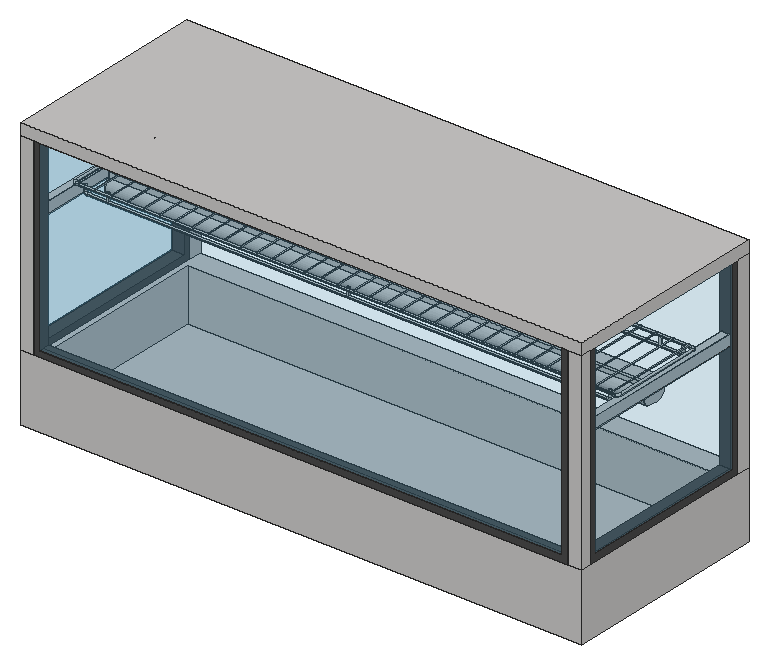
Revit family "QF_FESTIVE_DB17", category Specialty Equipment, Revit 2020
Family settings
  Round Connector Dimension = Use Diameter
  Part Type = Normal
  Work Plane-Based = No
  Always vertical = Yes
  Cut with Voids When Loaded = No
  Shared = No
  Room Calculation Point = No
Parameters (values of type "DB17")
  Weight in Pounds = 0
  Watts = if(Phase = 3, Volts * FL Amps * 1.73, Volts * FL Amps)  # 4796 W
  Volts = 220 V
  URL Cutsheet = ""
  Specification by User = ""
  Specification by Manufacturer = ""
  Serial Number = ""
  Seismic Rating = ""
  SMACNA No = ""
  Revision Code = ""
  Phase = 1
  Number of Poles = 1
  No. of Rail [instance] = Length / 50.8 mm  # 34
  NAFEM Spec ID Number = ""
  Model = "DB17"
  Min Ckt Ampacity = 0 A
  Max Overcurrent Protection = 0 A
  Masterspec = ""
  Manufacturer = "FESTIVE"
  Length = 1720 mm
  Item Number = ""
  Installed By = ""
  Identify Quantity as Lot = yes
  Height = 830 mm
  HP = ""
  Furnished By = ""
  Foodservice Equipment Identifier = yes
  FL Amps = 21.8 A
  Electrical Remarks = ""
  Electric Connection Type = ""
  Elec Conn RI Height = 0 mm
  Elec Conn Connection Height = 0 mm
  Description = "DEVON: BAIN MARIE"
  Depth = 640 mm
  Default Elevation = 0 mm
  Cycle = 50 Hz
  Conn Plug = ""
  Conn Conduit = yes
  CSI MasterFormat = ""
  Apparent Power = if(Phase = 3, Volts * FL Amps * 1.73, Volts * FL Amps)  # 4796 VA
Reference planes
  plane 1 "BACK": y = 0
  plane 2: z = 0
  plane 3 "LEFT": x = 0
  plane 4 "RIGHT": x = 1720
  plane 5 "FRONT": y = -640
  plane 6 "TOP": z = 830
  plane 7 "Center Y": x = 860
  plane 8 "Center X": y = -320
  plane 9: z = 205
  plane 10: x = 1459.9
  plane 11: x = 40.989
  plane 12: x = 1679.011
Forms (mm)
  Extrusion 1, solid, material "QF_Metal - Stainless - Satin"
    sketch origin (0, 0, 0) x (0, 1, 0) y (0, 0, 1)
      loop
        line (0, 793) -> (0, 830) -> (-640, 830) -> (-640, 793) -> (0, 793)
    from 0 to 1720
  Extrusion 2, solid, material "QF_Metal - Stainless - Satin"
    sketch origin (0, 0, 0) x (0, 1, 0) y (0, 0, 1)
      loop
        line (0, 793) -> (-40.1, 793) -> (-40.1, 205) -> (0, 205) -> (0, 793)
    from 0 to 40.1
  Extrusion 3, solid, material "QF_Metal - Stainless - Satin"
    sketch origin (0, 0, 0) x (0, 1, 0) y (0, 0, 1)
      loop
        line (-608, 793) -> (-640, 793) -> (-640, 205) -> (-608, 205) -> (-608, 793)
    from 0 to 40.1
  Extrusion 4, solid, material "QF_Metal - Stainless - Satin"
    sketch origin (1720, 0, 0) x (0, -1, 0) y (0, 0, 1)
      loop
        line (0, 793) -> (0, 205) -> (40.1, 205) -> (40.1, 793) -> (0, 793)
    from 0 to 40.1
  Extrusion 5, solid, material "QF_Plastic - Black - Smooth"
    sketch origin (0, -640, 205) x (0, 0, -1) y (1, 0, 0)
      loop
        line (-588, 40.1) -> (0, 40.1) -> (0, 1679.9) -> (-588, 1679.9) -> (-588, 1659.9) -> (-20, 1659.9) -> (-20, 60.1) -> (-588, 60.1) -> (-588, 40.1)
    from 0 to -32
  Extrusion 6, solid, material "Glass"
    sketch origin (0, -640, 205) x (0, 0, -1) y (1, 0, 0)
      loop
        line (-588, 60.1) -> (-20, 60.1) -> (-20, 1659.9) -> (-588, 1659.9) -> (-588, 60.1)
    from 0 to -10
  Extrusion 7, solid, material "QF_Plastic - Black - Smooth"
    sketch origin (0, 0, 0) x (0, -1, 0) y (0, 0, 1)
      loop
        line (40.1, 793) -> (40.1, 205) -> (608, 205) -> (608, 793) -> (588, 793) -> (588, 225) -> (60.1, 225) -> (60.1, 793) -> (40.1, 793)
    from 0 to -40.1
  Extrusion 8, solid, material "Glass"
    sketch origin (0, 0, 0) x (0, 1, 0) y (0, 0, -1)
      loop
        line (-588, -793) -> (-60.1, -793) -> (-60.1, -225) -> (-588, -225) -> (-588, -793)
    from 0 to -5.1
  Sweep 9, solid, material "QF_Metal - Stainless - Satin"
    path origin (0, 0, 598.437) x (1, 0, 0) y (0, 1, 0)
      loop
        arc (33.118, -173.147) -> (27.808, -175.347) -> (25.609, -180.657) r 7.509
        line (25.609, -180.657) -> (25.609, -458.823)
        arc (25.609, -458.823) -> (27.805, -464.127) -> (33.109, -466.323) r 7.5
        line (33.109, -466.323) -> (1686.437, -466.323)
        arc (1686.437, -466.323) -> (1691.741, -464.127) -> (1693.937, -458.823) r 7.5
        line (1693.937, -458.823) -> (1693.937, -180.647)
        arc (1693.937, -180.647) -> (1691.741, -175.344) -> (1686.437, -173.147) r 7.5
        line (1686.437, -173.147) -> (33.118, -173.147)
    profile origin (859.778, -173.147, 598.437) x (0, 1, 0) y (0, 0, 1)
      loop
        circle (0.813, 0) r 3.5
  Sweep 10, solid, material "QF_Metal - Stainless - Satin"
    path origin (0, -459.587, 0) x (1, 0, 0) y (0, 0, 1)
      loop
        line (56, 600.75) -> (56, 583.379)
        arc (56, 583.379) -> (58.255, 577.934) -> (63.7, 575.679) r 7.7
        line (63.7, 575.679) -> (1656.29, 575.679)
        arc (1656.29, 575.679) -> (1661.742, 577.937) -> (1664, 583.389) r 7.71
        line (1664, 583.389) -> (1664, 600.75)
    profile origin (56, -459.587, 592.064) x (0, -1, 0) y (1, 0, 0)
      loop
        circle (0, 0) r 3.5
  Extrusion 11, solid, material "QF_Metal - Stainless - Satin"
    sketch origin (-90, 0, 0) x (1, 0, 0) y (0, 1, 0)
      loop
        circle (214.245, -459.502) r 3.409
    from 576.5 to 600.75
  Extrusion 12, solid, material "QF_Metal - Stainless - Satin"
    sketch origin (483.255, 0, 0) x (1, 0, 0) y (0, 1, 0)
      loop
        circle (376.745, -459.502) r 3.409
    from 576.5 to 600.75
  Extrusion 13, solid, material "QF_Metal - Stainless - Satin"
    sketch origin (0, 0, 0) x (1, 0, 0) y (0, 0, 1)
      loop
        circle (42.498, 603.487) r 1.509
    from 173.5 to 466.5
  Sweep 14, solid, material "QF_Metal - Stainless - Satin"
    path origin (0, -180.413, 0) x (1, 0, 0) y (0, 0, -1)
      loop
        line (56, -600.75) -> (56, -583.379)
        arc (56, -583.379) -> (58.255, -577.934) -> (63.7, -575.679) r 7.7
        line (63.7, -575.679) -> (1656.29, -575.679)
        arc (1656.29, -575.679) -> (1661.742, -577.937) -> (1664, -583.389) r 7.71
        line (1664, -583.389) -> (1664, -600.75)
    profile origin (56, -180.413, 592.064) x (0, 1, 0) y (-1, 0, 0)
      loop
        circle (0, 0) r 3.5
  Extrusion 15, solid, material "QF_Metal - Stainless - Satin"
    sketch origin (-90, -640, 0) x (1, 0, 0) y (0, 1, 0)
      loop
        circle (214.245, 459.502) r 3.409
    from 576.5 to 600.75
  Extrusion 16, solid, material "QF_Metal - Stainless - Satin"
    sketch origin (483.255, -640, 0) x (1, 0, 0) y (0, 1, 0)
      loop
        circle (376.745, 459.502) r 3.409
    from 576.5 to 600.75
  Extrusion 17, solid, material "QF_Metal - Stainless - Satin"
    sketch origin (0, -650.445, 0) x (1, 0, 0) y (0, -1, 0)
      loop
        line (1720, -10.445) -> (0, -10.445) -> (0, -650.445) -> (1720, -650.445) -> (1720, -10.445)
      loop
        line (57, -65.445) -> (57, -580.445) -> (1665, -580.445) -> (1665, -65.445) -> (57, -65.445)
    from 0 to -205
  Extrusion 18, solid, material "QF_Metal - Stainless - Satin"
    sketch origin (0, -650.445, 0) x (0, 1, 0) y (1, 0, 0)
      loop
        line (65.445, 57) -> (580.445, 57) -> (580.445, 1665) -> (65.445, 1665) -> (65.445, 57)
    from 0 to -47
  Extrusion 19, solid, material "QF_Metal - Stainless - Satin"
    sketch origin (347, 0, -216.078) x (0, 1, 0) y (0, 0, 1)
      loop
        line (-345, 792.076) -> (-345, 776.085)
        arc (-345, 776.085) -> (-357.596, 753.232) -> (-345, 730.378) r 27.029
        arc (-345, 730.378) -> (-320, 727.581) -> (-295, 730.378) r 113.108
        arc (-295, 730.378) -> (-282.404, 753.232) -> (-295, 776.085) r 27.029
        line (-295, 776.085) -> (-295, 792.076)
        arc (-295, 792.076) -> (-295.856, 794.144) -> (-297.924, 795) r 2.924
        line (-297.924, 795) -> (-342.076, 795)
        arc (-342.076, 795) -> (-344.144, 794.144) -> (-345, 792.076) r 2.924
    from -313 to 1339
  Extrusion 20, solid, material "QF_Metal - Stainless - Satin"
    sketch origin (-28, 0, -216.078) x (0, 1, 0) y (0, 0, 1)
      loop
        arc (-295, 792.076) -> (-295.856, 794.144) -> (-297.924, 795) r 2.924
        line (-297.924, 795) -> (-342.076, 795)
        arc (-342.076, 795) -> (-344.144, 794.144) -> (-345, 792.076) r 2.924
        line (-345, 792.076) -> (-345, 776.085)
        arc (-345, 776.085) -> (-357.596, 753.232) -> (-345, 730.378) r 27.029
        arc (-345, 730.378) -> (-320, 727.581) -> (-295, 730.378) r 113.108
        arc (-295, 730.378) -> (-282.404, 753.232) -> (-295, 776.085) r 27.029
        line (-295, 776.085) -> (-295, 792.076)
      loop
        arc (-298.5, 786) -> (-298.793, 786.707) -> (-299.5, 787) r 1
        line (-299.5, 787) -> (-301.5, 787)
        arc (-301.5, 787) -> (-302.207, 786.707) -> (-302.5, 786) r 1
        line (-302.5, 786) -> (-302.5, 774)
        arc (-302.5, 774) -> (-302.207, 773.293) -> (-301.5, 773) r 1
        line (-301.5, 773) -> (-299.5, 773)
        arc (-299.5, 773) -> (-298.793, 773.293) -> (-298.5, 774) r 1
        line (-298.5, 774) -> (-298.5, 786)
      loop
        arc (-305, 786) -> (-305.293, 786.707) -> (-306, 787) r 1
        line (-306, 787) -> (-308, 787)
        arc (-308, 787) -> (-308.707, 786.707) -> (-309, 786) r 1
        line (-309, 786) -> (-309, 774)
        arc (-309, 774) -> (-308.707, 773.293) -> (-308, 773) r 1
        line (-308, 773) -> (-306, 773)
        arc (-306, 773) -> (-305.293, 773.293) -> (-305, 774) r 1
        line (-305, 774) -> (-305, 786)
      loop
        arc (-311.5, 786) -> (-311.793, 786.707) -> (-312.5, 787) r 1
        line (-312.5, 787) -> (-314.5, 787)
        arc (-314.5, 787) -> (-315.207, 786.707) -> (-315.5, 786) r 1
        line (-315.5, 786) -> (-315.5, 774)
        arc (-315.5, 774) -> (-315.207, 773.293) -> (-314.5, 773) r 1
        line (-314.5, 773) -> (-312.5, 773)
        arc (-312.5, 773) -> (-311.793, 773.293) -> (-311.5, 774) r 1
        line (-311.5, 774) -> (-311.5, 786)
      loop
        arc (-318, 786) -> (-318.293, 786.707) -> (-319, 787) r 1
        line (-319, 787) -> (-321, 787)
        arc (-321, 787) -> (-321.707, 786.707) -> (-322, 786) r 1
        line (-322, 786) -> (-322, 774)
        arc (-322, 774) -> (-321.707, 773.293) -> (-321, 773) r 1
        line (-321, 773) -> (-319, 773)
        arc (-319, 773) -> (-318.293, 773.293) -> (-318, 774) r 1
        line (-318, 774) -> (-318, 786)
      loop
        arc (-324.5, 786) -> (-324.793, 786.707) -> (-325.5, 787) r 1
        line (-325.5, 787) -> (-327.5, 787)
        arc (-327.5, 787) -> (-328.207, 786.707) -> (-328.5, 786) r 1
        line (-328.5, 786) -> (-328.5, 774)
        arc (-328.5, 774) -> (-328.207, 773.293) -> (-327.5, 773) r 1
        line (-327.5, 773) -> (-325.5, 773)
        arc (-325.5, 773) -> (-324.793, 773.293) -> (-324.5, 774) r 1
        line (-324.5, 774) -> (-324.5, 786)
      loop
        arc (-331, 786) -> (-331.293, 786.707) -> (-332, 787) r 1
        line (-332, 787) -> (-334, 787)
        arc (-334, 787) -> (-334.707, 786.707) -> (-335, 786) r 1
        line (-335, 786) -> (-335, 774)
        arc (-335, 774) -> (-334.707, 773.293) -> (-334, 773) r 1
        line (-334, 773) -> (-332, 773)
        arc (-332, 773) -> (-331.293, 773.293) -> (-331, 774) r 1
        line (-331, 774) -> (-331, 786)
      loop
        arc (-337.5, 786) -> (-337.793, 786.707) -> (-338.5, 787) r 1
        line (-338.5, 787) -> (-340.5, 787)
        arc (-340.5, 787) -> (-341.207, 786.707) -> (-341.5, 786) r 1
        line (-341.5, 786) -> (-341.5, 774)
        arc (-341.5, 774) -> (-341.207, 773.293) -> (-340.5, 773) r 1
        line (-340.5, 773) -> (-338.5, 773)
        arc (-338.5, 773) -> (-337.793, 773.293) -> (-337.5, 774) r 1
        line (-337.5, 774) -> (-337.5, 786)
    from 60.1 to 62
  Extrusion 21, solid, material "QF_Metal - Stainless - Satin", not visible
    sketch origin (0, 0, 201.118) x (0, 0, 1) y (1, 0, 0)
      loop
        line (-111.118, 1185.678) -> (-211.118, 1185.678) -> (-211.118, 855.678) -> (-111.118, 855.678) -> (-111.118, 1185.678)
    from 0 to 1.5
  Extrusion 22, solid, material "QF_Plastic - Black - Smooth", not visible
    sketch origin (37.803, 1.5, 184.282) x (0, 0, 1) y (1, 0, 0)
      loop
        line (-127.243, 1007.875) -> (-159.243, 1007.875) -> (-159.243, 993.875) -> (-127.243, 993.875) -> (-127.243, 1007.875)
      loop
        line (-155.243, 1004.875) -> (-155.243, 996.875) -> (-131.243, 996.875) -> (-131.243, 1004.875) -> (-155.243, 1004.875)
      loop
        circle (-144.275, 967.799) r 8.453
    from 0 to 1.5
  Extrusion 23, solid, material "QF_Plastic - Red - Smooth", not visible
    sketch origin (951.803, 1.5, 44.163) x (0, 0, -1) y (0, 1, 0)
      loop
        line (-10.247, 1.5) -> (15.125, 1.5) -> (15.125, 5.552)
        arc (15.125, 5.552) -> (2.51, 3.618) -> (-10.247, 3.224) r 105.368
        line (-10.247, 3.224) -> (-10.247, 1.5)
    from 82.875 to 90.875
  Revolve 24, solid, material "QF_Metal - Stainless - Satin", not visible
    sketch origin (955.614, 0, -14.69) x (0, 1, 0) y (0, 0, 1)
      loop
        line (9.399, 54.68) -> (9.399, 69.967) -> (3.413, 80.768) -> (1.5, 80.768) -> (1.5, 54.68) -> (9.399, 54.68)
      axis (1.5, 54.68) -> (9.399, 54.68)
    angle from 0 to 360
  Extrusion 25, solid, material "QF_Metal - Stainless - Satin", not visible
    sketch origin (955.614, 9.399, 39.989) x (-1, 0, 0) y (0, 0, 1)
      loop
        arc (0, 15.288) -> (-2.018, 15.154) -> (-4, 14.755) r 15.288
        line (-4, 14.755) -> (-4, -14.755)
        arc (-4, -14.755) -> (-2.018, -15.154) -> (0, -15.288) r 15.288
        arc (0, -15.288) -> (2.018, -15.154) -> (4, -14.755) r 15.288
        line (4, -14.755) -> (4, 14.755)
        arc (4, 14.755) -> (2.018, 15.154) -> (0, 15.288) r 15.288
    from 0 to 14.801
  Extrusion 26, solid, material "QF_Plastic - Red - Smooth", not visible
    sketch origin (37.803, 3, 184.282) x (0, 0, 1) y (1, 0, 0)
      loop
        circle (-144.275, 967.799) r 6.5
    from 0 to 4.052
  Extrusion 27, solid, material "QF_Metal - Stainless - Satin"
    sketch origin (0, -60.1, 753) x (0, 0, 1) y (-1, 0, 0)
      loop
        arc (-157.938, -9.475) -> (-158.37, -8.432) -> (-159.413, -8) r 1.475
        line (-159.413, -8) -> (-192.5, -8)
        arc (-192.5, -8) -> (-193.561, -8.439) -> (-194, -9.5) r 1.5
        line (-194, -9.5) -> (-194, -30.6)
        arc (-194, -30.6) -> (-193.561, -31.661) -> (-192.5, -32.1) r 1.5
        line (-192.5, -32.1) -> (-159.438, -32.1)
        arc (-159.438, -32.1) -> (-158.377, -31.661) -> (-157.938, -30.6) r 1.5
        line (-157.938, -30.6) -> (-157.938, -9.475)
      loop
        line (-157.938, -1710.525) -> (-157.938, -1689.4)
        arc (-157.938, -1689.4) -> (-158.377, -1688.339) -> (-159.438, -1687.9) r 1.5
        line (-159.438, -1687.9) -> (-192.5, -1687.9)
        arc (-192.5, -1687.9) -> (-193.561, -1688.339) -> (-194, -1689.4) r 1.5
        line (-194, -1689.4) -> (-194, -1710.5)
        arc (-194, -1710.5) -> (-193.561, -1711.561) -> (-192.5, -1712) r 1.5
        line (-192.5, -1712) -> (-159.413, -1712)
        arc (-159.413, -1712) -> (-158.37, -1711.568) -> (-157.938, -1710.525) r 1.475
    from 0 to 527.9
  Extrusion 28, solid, material "QF_Plastic - Black - Smooth"
    sketch origin (1720, 0, 0) x (0, -1, 0) y (0, 0, 1)
      loop
        line (40.1, 793) -> (40.1, 205) -> (608, 205) -> (608, 793) -> (588, 793) -> (588, 225) -> (60.1, 225) -> (60.1, 793) -> (40.1, 793)
    from 40 to 0
  Extrusion 29, solid, material "Glass"
    sketch origin (1720, 0, 0) x (0, -1, 0) y (0, 0, 1)
      loop
        line (588, 793) -> (60.1, 793) -> (60.1, 225) -> (588, 225) -> (588, 793)
    from 5 to 0
  Extrusion 30, solid, material "QF_Metal - Stainless - Satin"
    sketch origin (-160.678, 0, 216.118) x (0, 0, 1) y (1, 0, 0)
      loop
        line (-111.118, 1185.678) -> (-211.118, 1185.678) -> (-211.118, 855.678) -> (-111.118, 855.678) -> (-111.118, 1185.678)
    from 0 to 1.5
  Extrusion 31, solid, material "QF_Plastic - Black - Smooth"
    sketch origin (-122.875, 1.5, 199.282) x (0, 0, 1) y (1, 0, 0)
      loop
        line (-127.243, 1007.875) -> (-159.243, 1007.875) -> (-159.243, 993.875) -> (-127.243, 993.875) -> (-127.243, 1007.875)
      loop
        line (-155.243, 1004.875) -> (-155.243, 996.875) -> (-131.243, 996.875) -> (-131.243, 1004.875) -> (-155.243, 1004.875)
      loop
        circle (-144.275, 967.799) r 8.453
    from 0 to 1.5
  Extrusion 32, solid, material "QF_Plastic - Red - Smooth"
    sketch origin (791.125, 1.5, 59.163) x (0, 0, -1) y (0, 1, 0)
      loop
        line (-10.247, 1.5) -> (15.125, 1.5) -> (15.125, 5.552)
        arc (15.125, 5.552) -> (2.51, 3.618) -> (-10.247, 3.224) r 105.368
        line (-10.247, 3.224) -> (-10.247, 1.5)
    from 82.875 to 90.875
  Revolve 33, solid, material "QF_Metal - Stainless - Satin"
    sketch origin (794.936, 0, 0.31) x (0, 1, 0) y (0, 0, 1)
      loop
        line (9.399, 54.68) -> (9.399, 69.967) -> (3.413, 80.768) -> (1.5, 80.768) -> (1.5, 54.68) -> (9.399, 54.68)
      axis (1.5, 54.68) -> (9.399, 54.68)
    angle from 0 to 360
  Extrusion 34, solid, material "QF_Metal - Stainless - Satin"
    sketch origin (794.936, 9.399, 54.989) x (-1, 0, 0) y (0, 0, 1)
      loop
        arc (0, 15.288) -> (-2.018, 15.154) -> (-4, 14.755) r 15.288
        line (-4, 14.755) -> (-4, -14.755)
        arc (-4, -14.755) -> (-2.018, -15.154) -> (0, -15.288) r 15.288
        arc (0, -15.288) -> (2.018, -15.154) -> (4, -14.755) r 15.288
        line (4, -14.755) -> (4, 14.755)
        arc (4, 14.755) -> (2.018, 15.154) -> (0, 15.288) r 15.288
    from 0 to 14.801
  Extrusion 35, solid, material "QF_Plastic - Red - Smooth"
    sketch origin (-122.875, 3, 199.282) x (0, 0, 1) y (1, 0, 0)
      loop
        circle (-144.275, 967.799) r 6.5
    from 0 to 4.052
  Extrusion 36, solid, material "QF_Metal - Stainless - Satin"
    sketch origin (1160, 0, 0) x (-1, 0, 0) y (0, -1, 0)
      loop
        circle (-435.755, 459.502) r 3.409
    from 576.5 to 600.75
  Extrusion 37, solid, material "QF_Metal - Stainless - Satin"
    sketch origin (1160, -640, 0) x (-1, 0, 0) y (0, -1, 0)
      loop
        circle (-435.755, -459.502) r 3.409
    from 576.5 to 600.75
  Extrusion 38, solid, material "QF_Metal - Stainless - Satin"
    sketch origin (773, 0, -216.078) x (0, 1, 0) y (0, 0, -1)
      loop
        line (-295, -792.076) -> (-295, -776.085)
        arc (-295, -776.085) -> (-282.404, -753.232) -> (-295, -730.378) r 27.029
        arc (-295, -730.378) -> (-320, -727.581) -> (-345, -730.378) r 113.108
        arc (-345, -730.378) -> (-357.596, -753.232) -> (-345, -776.085) r 27.029
        line (-345, -776.085) -> (-345, -792.076)
        arc (-345, -792.076) -> (-344.144, -794.144) -> (-342.076, -795) r 2.924
        line (-342.076, -795) -> (-297.924, -795)
        arc (-297.924, -795) -> (-295.856, -794.144) -> (-295, -792.076) r 2.924
      loop
        line (-298.5, -786) -> (-298.5, -774)
        arc (-298.5, -774) -> (-298.793, -773.293) -> (-299.5, -773) r 1
        line (-299.5, -773) -> (-301.5, -773)
        arc (-301.5, -773) -> (-302.207, -773.293) -> (-302.5, -774) r 1
        line (-302.5, -774) -> (-302.5, -786)
        arc (-302.5, -786) -> (-302.207, -786.707) -> (-301.5, -787) r 1
        line (-301.5, -787) -> (-299.5, -787)
        arc (-299.5, -787) -> (-298.793, -786.707) -> (-298.5, -786) r 1
      loop
        line (-305, -786) -> (-305, -774)
        arc (-305, -774) -> (-305.293, -773.293) -> (-306, -773) r 1
        line (-306, -773) -> (-308, -773)
        arc (-308, -773) -> (-308.707, -773.293) -> (-309, -774) r 1
        line (-309, -774) -> (-309, -786)
        arc (-309, -786) -> (-308.707, -786.707) -> (-308, -787) r 1
        line (-308, -787) -> (-306, -787)
        arc (-306, -787) -> (-305.293, -786.707) -> (-305, -786) r 1
      loop
        line (-311.5, -786) -> (-311.5, -774)
        arc (-311.5, -774) -> (-311.793, -773.293) -> (-312.5, -773) r 1
        line (-312.5, -773) -> (-314.5, -773)
        arc (-314.5, -773) -> (-315.207, -773.293) -> (-315.5, -774) r 1
        line (-315.5, -774) -> (-315.5, -786)
        arc (-315.5, -786) -> (-315.207, -786.707) -> (-314.5, -787) r 1
        line (-314.5, -787) -> (-312.5, -787)
        arc (-312.5, -787) -> (-311.793, -786.707) -> (-311.5, -786) r 1
      loop
        line (-318, -786) -> (-318, -774)
        arc (-318, -774) -> (-318.293, -773.293) -> (-319, -773) r 1
        line (-319, -773) -> (-321, -773)
        arc (-321, -773) -> (-321.707, -773.293) -> (-322, -774) r 1
        line (-322, -774) -> (-322, -786)
        arc (-322, -786) -> (-321.707, -786.707) -> (-321, -787) r 1
        line (-321, -787) -> (-319, -787)
        arc (-319, -787) -> (-318.293, -786.707) -> (-318, -786) r 1
      loop
        line (-324.5, -786) -> (-324.5, -774)
        arc (-324.5, -774) -> (-324.793, -773.293) -> (-325.5, -773) r 1
        line (-325.5, -773) -> (-327.5, -773)
        arc (-327.5, -773) -> (-328.207, -773.293) -> (-328.5, -774) r 1
        line (-328.5, -774) -> (-328.5, -786)
        arc (-328.5, -786) -> (-328.207, -786.707) -> (-327.5, -787) r 1
        line (-327.5, -787) -> (-325.5, -787)
        arc (-325.5, -787) -> (-324.793, -786.707) -> (-324.5, -786) r 1
      loop
        line (-331, -786) -> (-331, -774)
        arc (-331, -774) -> (-331.293, -773.293) -> (-332, -773) r 1
        line (-332, -773) -> (-334, -773)
        arc (-334, -773) -> (-334.707, -773.293) -> (-335, -774) r 1
        line (-335, -774) -> (-335, -786)
        arc (-335, -786) -> (-334.707, -786.707) -> (-334, -787) r 1
        line (-334, -787) -> (-332, -787)
        arc (-332, -787) -> (-331.293, -786.707) -> (-331, -786) r 1
      loop
        line (-337.5, -786) -> (-337.5, -774)
        arc (-337.5, -774) -> (-337.793, -773.293) -> (-338.5, -773) r 1
        line (-338.5, -773) -> (-340.5, -773)
        arc (-340.5, -773) -> (-341.207, -773.293) -> (-341.5, -774) r 1
        line (-341.5, -774) -> (-341.5, -786)
        arc (-341.5, -786) -> (-341.207, -786.707) -> (-340.5, -787) r 1
        line (-340.5, -787) -> (-338.5, -787)
        arc (-338.5, -787) -> (-337.793, -786.707) -> (-337.5, -786) r 1
    from -914.9 to -913
  Extrusion 39, solid, material "QF_Metal - Stainless - Satin"
    sketch origin (0, 0, 0) x (1, 0, 0) y (0, 0, -1)
      loop
        circle (56, -30) r 6.35
    from 0 to 3.2
  Extrusion 40, solid, material "QF_Metal - Stainless - Satin"
    sketch origin (1720, 0, 0) x (0, -1, 0) y (0, 0, 1)
      loop
        line (608, 793) -> (608, 205) -> (640, 205) -> (640, 793) -> (608, 793)
    from 0 to 40.1
  Extrusion 41, solid, material "QF_Metal - Stainless - Satin"
    sketch origin (1635.003, 0, 0) x (1, 0, 0) y (0, 0, 1)
      loop
        circle (42.498, 603.487) r 1.509
    from 173.5 to 466.5
  Extrusion 42, solid, material "QF_Metal - Stainless - Satin"
    sketch origin (49.546, 0, 0) x (1, 0, 0) y (0, 0, 1)
      loop
        circle (42.498, 603.487) r 1.509
    from 173.5 to 466.5
  Extrusion 43, solid, material "QF_Metal - Stainless - Satin"
    sketch origin (99.091, 0, 0) x (1, 0, 0) y (0, 0, 1)
      loop
        circle (42.498, 603.487) r 1.509
    from 173.5 to 466.5
  Extrusion 44, solid, material "QF_Metal - Stainless - Satin"
    sketch origin (148.637, 0, 0) x (1, 0, 0) y (0, 0, 1)
      loop
        circle (42.498, 603.487) r 1.509
    from 173.5 to 466.5
  Extrusion 45, solid, material "QF_Metal - Stainless - Satin"
    sketch origin (198.182, 0, 0) x (1, 0, 0) y (0, 0, 1)
      loop
        circle (42.498, 603.487) r 1.509
    from 173.5 to 466.5
  Extrusion 46, solid, material "QF_Metal - Stainless - Satin"
    sketch origin (247.728, 0, 0) x (1, 0, 0) y (0, 0, 1)
      loop
        circle (42.498, 603.487) r 1.509
    from 173.5 to 466.5
  Extrusion 47, solid, material "QF_Metal - Stainless - Satin"
    sketch origin (297.273, 0, 0) x (1, 0, 0) y (0, 0, 1)
      loop
        circle (42.498, 603.487) r 1.509
    from 173.5 to 466.5
  Extrusion 48, solid, material "QF_Metal - Stainless - Satin"
    sketch origin (346.819, 0, 0) x (1, 0, 0) y (0, 0, 1)
      loop
        circle (42.498, 603.487) r 1.509
    from 173.5 to 466.5
  Extrusion 49, solid, material "QF_Metal - Stainless - Satin"
    sketch origin (396.364, 0, 0) x (1, 0, 0) y (0, 0, 1)
      loop
        circle (42.498, 603.487) r 1.509
    from 173.5 to 466.5
  Extrusion 50, solid, material "QF_Metal - Stainless - Satin"
    sketch origin (445.91, 0, 0) x (1, 0, 0) y (0, 0, 1)
      loop
        circle (42.498, 603.487) r 1.509
    from 173.5 to 466.5
  Extrusion 51, solid, material "QF_Metal - Stainless - Satin"
    sketch origin (495.456, 0, 0) x (1, 0, 0) y (0, 0, 1)
      loop
        circle (42.498, 603.487) r 1.509
    from 173.5 to 466.5
  Extrusion 52, solid, material "QF_Metal - Stainless - Satin"
    sketch origin (545.001, 0, 0) x (1, 0, 0) y (0, 0, 1)
      loop
        circle (42.498, 603.487) r 1.509
    from 173.5 to 466.5
  Extrusion 53, solid, material "QF_Metal - Stainless - Satin"
    sketch origin (594.547, 0, 0) x (1, 0, 0) y (0, 0, 1)
      loop
        circle (42.498, 603.487) r 1.509
    from 173.5 to 466.5
  Extrusion 54, solid, material "QF_Metal - Stainless - Satin"
    sketch origin (644.092, 0, 0) x (1, 0, 0) y (0, 0, 1)
      loop
        circle (42.498, 603.487) r 1.509
    from 173.5 to 466.5
  Extrusion 55, solid, material "QF_Metal - Stainless - Satin"
    sketch origin (693.638, 0, 0) x (1, 0, 0) y (0, 0, 1)
      loop
        circle (42.498, 603.487) r 1.509
    from 173.5 to 466.5
  Extrusion 56, solid, material "QF_Metal - Stainless - Satin"
    sketch origin (743.183, 0, 0) x (1, 0, 0) y (0, 0, 1)
      loop
        circle (42.498, 603.487) r 1.509
    from 173.5 to 466.5
  Extrusion 57, solid, material "QF_Metal - Stainless - Satin"
    sketch origin (792.729, 0, 0) x (1, 0, 0) y (0, 0, 1)
      loop
        circle (42.498, 603.487) r 1.509
    from 173.5 to 466.5
  Extrusion 58, solid, material "QF_Metal - Stainless - Satin"
    sketch origin (842.275, 0, 0) x (1, 0, 0) y (0, 0, 1)
      loop
        circle (42.498, 603.487) r 1.509
    from 173.5 to 466.5
  Extrusion 59, solid, material "QF_Metal - Stainless - Satin"
    sketch origin (891.82, 0, 0) x (1, 0, 0) y (0, 0, 1)
      loop
        circle (42.498, 603.487) r 1.509
    from 173.5 to 466.5
  Extrusion 60, solid, material "QF_Metal - Stainless - Satin"
    sketch origin (941.366, 0, 0) x (1, 0, 0) y (0, 0, 1)
      loop
        circle (42.498, 603.487) r 1.509
    from 173.5 to 466.5
  Extrusion 61, solid, material "QF_Metal - Stainless - Satin"
    sketch origin (990.911, 0, 0) x (1, 0, 0) y (0, 0, 1)
      loop
        circle (42.498, 603.487) r 1.509
    from 173.5 to 466.5
  Extrusion 62, solid, material "QF_Metal - Stainless - Satin"
    sketch origin (1040.457, 0, 0) x (1, 0, 0) y (0, 0, 1)
      loop
        circle (42.498, 603.487) r 1.509
    from 173.5 to 466.5
  Extrusion 63, solid, material "QF_Metal - Stainless - Satin"
    sketch origin (1090.002, 0, 0) x (1, 0, 0) y (0, 0, 1)
      loop
        circle (42.498, 603.487) r 1.509
    from 173.5 to 466.5
  Extrusion 64, solid, material "QF_Metal - Stainless - Satin"
    sketch origin (1139.548, 0, 0) x (1, 0, 0) y (0, 0, 1)
      loop
        circle (42.498, 603.487) r 1.509
    from 173.5 to 466.5
  Extrusion 65, solid, material "QF_Metal - Stainless - Satin"
    sketch origin (1189.093, 0, 0) x (1, 0, 0) y (0, 0, 1)
      loop
        circle (42.498, 603.487) r 1.509
    from 173.5 to 466.5
  Extrusion 66, solid, material "QF_Metal - Stainless - Satin"
    sketch origin (1238.639, 0, 0) x (1, 0, 0) y (0, 0, 1)
      loop
        circle (42.498, 603.487) r 1.509
    from 173.5 to 466.5
  Extrusion 67, solid, material "QF_Metal - Stainless - Satin"
    sketch origin (1288.185, 0, 0) x (1, 0, 0) y (0, 0, 1)
      loop
        circle (42.498, 603.487) r 1.509
    from 173.5 to 466.5
  Extrusion 68, solid, material "QF_Metal - Stainless - Satin"
    sketch origin (1337.73, 0, 0) x (1, 0, 0) y (0, 0, 1)
      loop
        circle (42.498, 603.487) r 1.509
    from 173.5 to 466.5
  Extrusion 69, solid, material "QF_Metal - Stainless - Satin"
    sketch origin (1387.276, 0, 0) x (1, 0, 0) y (0, 0, 1)
      loop
        circle (42.498, 603.487) r 1.509
    from 173.5 to 466.5
  Extrusion 70, solid, material "QF_Metal - Stainless - Satin"
    sketch origin (1436.821, 0, 0) x (1, 0, 0) y (0, 0, 1)
      loop
        circle (42.498, 603.487) r 1.509
    from 173.5 to 466.5
  Extrusion 71, solid, material "QF_Metal - Stainless - Satin"
    sketch origin (1486.367, 0, 0) x (1, 0, 0) y (0, 0, 1)
      loop
        circle (42.498, 603.487) r 1.509
    from 173.5 to 466.5
  Extrusion 72, solid, material "QF_Metal - Stainless - Satin"
    sketch origin (1535.912, 0, 0) x (1, 0, 0) y (0, 0, 1)
      loop
        circle (42.498, 603.487) r 1.509
    from 173.5 to 466.5
  Extrusion 73, solid, material "QF_Metal - Stainless - Satin"
    sketch origin (1585.458, 0, 0) x (1, 0, 0) y (0, 0, 1)
      loop
        circle (42.498, 603.487) r 1.509
    from 173.5 to 466.5
Cuts and joins
  joined: Extrusion 17, Extrusion 18
Lines and regions (mm)
  symbolic lines
    curve 1: line (0, 0, 0) -> (1720, 0, 0)
    curve 2: line (0, -640, 0) -> (0, 0, 0)
    curve 3: line (1720, -640, 0) -> (0, -640, 0)
    curve 4: line (1720, 0, 0) -> (1720, -640, 0)
Dimensions and locks
  equal spacing: plane 3 "LEFT", plane 7 "Center Y", plane 4 "RIGHT"
  "Length": plane 3 "LEFT" to plane 4 "RIGHT"
  equal spacing: plane 5 "FRONT", plane 8 "Center X", plane 1 "BACK"
  "Depth": plane 5 "FRONT" to plane 1 "BACK"
  "Height": plane 6 "TOP" to level
  plane 9 to plane 2 = 205 mm  (x2)
  plane 6 "TOP" to plane 9 = 625 mm  (x2)
  plane 1 "BACK" to plane 5 "FRONT" = 640 mm
  Extrusion 39 sketch curve to plane 3 "LEFT" = 56 mm
  level to Extrusion 39 sketch curve = 30 mm
  Extrusion 27 sketch curve to Extrusion 27 sketch curve to plane 4 "RIGHT" = 24.1 mm locked, 8 mm locked
  Extrusion 38 to Extrusion 38 to plane 4 "RIGHT" = 1.9 mm locked, 32.1 mm locked
  Extrusion 5 sketch curve to Extrusion 5 sketch curve to plane 4 "RIGHT" = 20 mm locked, 40.1 mm locked
  locked: Extrusion 6 sketch curve to plane 4 "RIGHT" at 60.1
  equal spacing: group 3, group 5, group 6, group 7, group 8, group 9, group 10, group 11, group 12, group 13, group 14, group 15, group 16, group 17, group 18, group 19, group 20, group 21, group 22, group 23, group 24, group 25, group 26, group 27, group 28, group 29, group 30, group 31, group 32, group 33, group 34, group 35, group 36, group 4  (x3)
  locked: plane 12 to plane 4 "RIGHT" at 40.989
  locked: Extrusion 30 to plane 7 "Center Y" at 165
  aligned and locked: level to plane 2
  aligned and locked: Extrusion 19 to Extrusion 38
  aligned and locked: Extrusion 1 to plane 4 "RIGHT"
  aligned and locked: plane 12 to Extrusion 41
Automatic sketch dimensions
  Extrusion 23 sketch curve to Extrusion 23 sketch curve = 25.372 mm
  Extrusion 23 sketch curve to Extrusion 23 sketch curve = 1.724 mm
  Extrusion 23 sketch curve to Extrusion 23 sketch curve = 4.052 mm
  Revolve 24 sketch curve to Revolve 24 sketch curve = 1.913 mm
  Revolve 24 sketch curve to Revolve 24 sketch curve = 15.288 mm
  Revolve 24 sketch curve to Revolve 24 sketch curve = 10.8 mm
  Revolve 24 sketch curve to Revolve 24 sketch curve = 3.129 mm
  Revolve 24 sketch curve to Revolve 24 sketch curve = 16.871 mm
  Revolve 24 sketch curve to Revolve 24 sketch curve = 0 mm
  Extrusion 25 sketch curve to Extrusion 25 sketch curve = 0 mm  (x2)
  Revolve 24 to Extrusion 25 sketch curve = 4 mm
  Extrusion 25 sketch curve to Revolve 24 = 4 mm
  Extrusion 21 sketch curve to Extrusion 21 sketch curve = 100 mm
  Extrusion 23 sketch curve to Extrusion 23 sketch curve = 3.127 mm
  Revolve 24 sketch curve to Revolve 24 sketch curve = 5.987 mm
  Extrusion 32 sketch curve to Extrusion 32 sketch curve = 25.372 mm
  Extrusion 32 sketch curve to Extrusion 32 sketch curve = 1.724 mm
  Extrusion 32 sketch curve to Extrusion 32 sketch curve = 4.052 mm
  Revolve 33 sketch curve to Revolve 33 sketch curve = 1.913 mm
  Revolve 33 sketch curve to Revolve 33 sketch curve = 15.288 mm
  Revolve 33 sketch curve to Revolve 33 sketch curve = 10.8 mm
  Revolve 33 sketch curve to Revolve 33 sketch curve = 3.129 mm
  Revolve 33 sketch curve to Revolve 33 sketch curve = 16.871 mm
  Revolve 33 sketch curve to Revolve 33 sketch curve = 0 mm
  Extrusion 34 sketch curve to Extrusion 34 sketch curve = 0 mm  (x2)
  Revolve 33 to Extrusion 34 sketch curve = 4 mm
  Extrusion 34 sketch curve to Revolve 33 = 4 mm
  Extrusion 30 sketch curve to Extrusion 30 sketch curve = 100 mm
  Extrusion 32 sketch curve to Extrusion 32 sketch curve = 3.127 mm
  Revolve 33 sketch curve to Revolve 33 sketch curve = 5.987 mm
  Extrusion 30 sketch curve to Extrusion 30 sketch curve = 330 mm
  Extrusion 31 sketch curve to Extrusion 31 sketch curve = 4 mm  (x2)
  Extrusion 31 sketch curve to Extrusion 31 sketch curve = 14.968 mm
  Extrusion 31 sketch curve to Extrusion 31 sketch curve = 24 mm
  Extrusion 31 sketch curve to Extrusion 31 sketch curve = 26.076 mm
  Extrusion 31 sketch curve to Extrusion 31 sketch curve = 3 mm  (x2)
  Extrusion 31 sketch curve to Extrusion 31 sketch curve = 8 mm
  Extrusion 21 sketch curve to Extrusion 21 sketch curve = 330 mm
  Extrusion 22 sketch curve to Extrusion 22 sketch curve = 4 mm  (x2)
  Extrusion 22 sketch curve to Extrusion 22 sketch curve = 14.968 mm
  Extrusion 22 sketch curve to Extrusion 22 sketch curve = 24 mm
  Extrusion 22 sketch curve to Extrusion 22 sketch curve = 26.076 mm
  Extrusion 22 sketch curve to Extrusion 22 sketch curve = 3 mm  (x2)
  Extrusion 22 sketch curve to Extrusion 22 sketch curve = 8 mm
  curve 3 to plane 3 "LEFT" = 0 mm
  curve 3 to plane 4 "RIGHT" = 0 mm
  plane 5 "FRONT" to curve 3 = 0 mm
  plane 1 "BACK" to curve 2 = 0 mm
  Extrusion 1 sketch curve to plane 5 "FRONT" = 0 mm
  Extrusion 1 sketch curve to plane 1 "BACK" = 0 mm
  Extrusion 1 sketch curve to plane 6 "TOP" = 0 mm
  Extrusion 1 sketch curve to plane 6 "TOP" = 37 mm
  Extrusion 2 sketch curve to plane 9 = 0 mm
  Extrusion 2 sketch curve to plane 1 "BACK" = 0 mm
  Extrusion 2 sketch curve to Extrusion 2 sketch curve = 40.1 mm
  Extrusion 2 sketch curve to plane 6 "TOP" = 37 mm
  Extrusion 3 sketch curve to plane 5 "FRONT" = 0 mm
  Extrusion 3 sketch curve to plane 9 = 0 mm
  Extrusion 3 sketch curve to plane 5 "FRONT" = 32 mm
  Extrusion 3 sketch curve to plane 6 "TOP" = 37 mm
  Extrusion 4 sketch curve to plane 1 "BACK" = 0 mm
  Extrusion 4 sketch curve to plane 9 = 0 mm
  Extrusion 4 sketch curve to Extrusion 4 sketch curve = 40.1 mm
  Extrusion 4 sketch curve to plane 6 "TOP" = 37 mm
  Extrusion 2 to Extrusion 7 sketch curve = 0 mm  (x3)
  Extrusion 7 sketch curve to Extrusion 2 = 0 mm
  Extrusion 2 to Extrusion 7 sketch curve = 20 mm
  Extrusion 7 sketch curve to Extrusion 2 = 20 mm
  Extrusion 7 sketch curve to Extrusion 7 sketch curve = 527.9 mm
  Extrusion 7 sketch curve to Extrusion 7 sketch curve = 20 mm
  plane 9 to Extrusion 8 sketch curve = 20 mm
  Extrusion 8 sketch curve to plane 5 "FRONT" = 52 mm
  plane 1 "BACK" to Extrusion 8 sketch curve = 60.1 mm
  Extrusion 8 sketch curve to plane 6 "TOP" = 37 mm
  plane 3 "LEFT" to Sweep 9 sketch curve = 25.609 mm
  Sweep 9 sketch curve to Sweep 9 sketch curve = 7.5 mm  (x2)
  Sweep 9 sketch curve to Sweep 9 sketch curve = 7.509 mm
  plane 4 "RIGHT" to Sweep 9 sketch curve = 33.563 mm  (x2)
  Sweep 9 sketch curve to plane 8 "Center X" = 146.323 mm
  plane 8 "Center X" to Sweep 9 sketch curve = 139.343 mm
  Sweep 9 sketch curve to profile plane = 0 mm
  Sweep 9 sketch curve to profile plane = 0.813 mm
  plane 3 "LEFT" to Sweep 10 sketch curve = 56 mm
  Sweep 10 sketch curve to Sweep 10 sketch curve = 7.7 mm
  plane 4 "RIGHT" to Sweep 10 sketch curve = 63.71 mm
  Sweep 10 sketch curve to Sweep 10 sketch curve = 7.71 mm
  Sweep 10 sketch curve to plane 6 "TOP" = 254.321 mm
  Sweep 10 sketch curve to Sweep 10 sketch curve = 17.371 mm
  Sweep 10 sketch curve to Sweep 10 sketch curve = 17.361 mm
  Sweep 10 sketch curve to profile plane = 0 mm
  profile plane to Sweep 10 sketch curve = 0 mm
  plane 3 "LEFT" to Extrusion 11 sketch curve = 124.245 mm
  Extrusion 11 sketch curve to plane 8 "Center X" = 139.502 mm
  Extrusion 12 sketch curve to plane 7 "Center Y" = 0 mm
  Extrusion 12 sketch curve to plane 8 "Center X" = 139.502 mm
  plane 3 "LEFT" to Sweep 14 sketch curve = 56 mm
  Sweep 14 sketch curve to Sweep 14 sketch curve = 7.7 mm
  plane 4 "RIGHT" to Sweep 14 sketch curve = 63.71 mm
  Sweep 14 sketch curve to Sweep 14 sketch curve = 7.71 mm
  Sweep 14 sketch curve to plane 6 "TOP" = 246.611 mm
  Sweep 14 sketch curve to Sweep 14 sketch curve = 17.371 mm
  Sweep 14 sketch curve to Sweep 14 sketch curve = 17.361 mm
  Sweep 14 sketch curve to profile plane = 0 mm  (x2)
  Extrusion 15 sketch curve to plane 3 "LEFT" = 124.245 mm
  Extrusion 15 sketch curve to plane 8 "Center X" = 139.502 mm
  Extrusion 16 sketch curve to plane 7 "Center Y" = 0 mm
  Extrusion 16 sketch curve to plane 8 "Center X" = 139.502 mm
  Extrusion 17 sketch curve to plane 3 "LEFT" = 0 mm
  plane 1 "BACK" to Extrusion 17 sketch curve = 0 mm
  Extrusion 17 sketch curve to plane 4 "RIGHT" = 0 mm
  plane 5 "FRONT" to Extrusion 17 sketch curve = 0 mm
  plane 3 "LEFT" to Extrusion 17 sketch curve = 57 mm
  plane 4 "RIGHT" to Extrusion 17 sketch curve = 55 mm
  Extrusion 17 sketch curve to plane 5 "FRONT" = 55 mm
  plane 1 "BACK" to Extrusion 17 sketch curve = 70 mm
  Extrusion 17 to Extrusion 18 sketch curve = 0 mm
  Extrusion 18 sketch curve to Extrusion 17 = 0 mm  (x3)
  Extrusion 19 sketch curve to plane 8 "Center X" = 0 mm
  Extrusion 19 sketch curve to plane 8 "Center X" = 10.567 mm
  Extrusion 19 sketch curve to plane 8 "Center X" = 22.076 mm
  Extrusion 19 sketch curve to Extrusion 19 sketch curve = 2.924 mm  (x2)
  plane 8 "Center X" to Extrusion 19 sketch curve = 10.567 mm
  plane 8 "Center X" to Extrusion 19 sketch curve = 22.076 mm
  Extrusion 19 sketch curve to plane 6 "TOP" = 292.846 mm
  Extrusion 19 sketch curve to Extrusion 19 sketch curve = 0 mm
  Extrusion 19 sketch curve to Extrusion 19 sketch curve = 22.853 mm  (x2)
  Extrusion 19 sketch curve to Extrusion 19 sketch curve = 15.991 mm
  Extrusion 19 sketch curve to Extrusion 19 sketch curve = 45.689 mm
  Extrusion 19 sketch curve to plane 8 "Center X" = 25 mm
  Extrusion 20 sketch curve to plane 8 "Center X" = 0 mm
  Extrusion 20 sketch curve to plane 8 "Center X" = 1 mm  (x2)
  Extrusion 20 sketch curve to Extrusion 20 sketch curve = 1 mm  (x26)
  Extrusion 20 sketch curve to Extrusion 20 sketch curve = 2.5 mm  (x6)
  Extrusion 20 sketch curve to Extrusion 20 sketch curve = 2 mm  (x12)
  Extrusion 20 sketch curve to plane 8 "Center X" = 10.567 mm
  Extrusion 20 sketch curve to Extrusion 20 sketch curve = 1.576 mm  (x2)
  Extrusion 20 sketch curve to Extrusion 20 sketch curve = 2.924 mm
  plane 8 "Center X" to Extrusion 20 sketch curve = 1 mm  (x2)
  plane 8 "Center X" to Extrusion 20 sketch curve = 10.567 mm
  Extrusion 20 sketch curve to Extrusion 20 sketch curve = 3.5 mm
  Extrusion 20 sketch curve to plane 6 "TOP" = 292.846 mm
  Extrusion 20 sketch curve to Extrusion 20 sketch curve = 0 mm  (x7)
  Extrusion 20 sketch curve to Extrusion 20 sketch curve = 19.768 mm
  Extrusion 20 sketch curve to Extrusion 20 sketch curve = 2.085 mm  (x2)
  Extrusion 20 sketch curve to Extrusion 20 sketch curve = 12 mm
  Extrusion 20 sketch curve to Extrusion 20 sketch curve = 5.076 mm
  Extrusion 20 sketch curve to Extrusion 20 sketch curve = 45.689 mm
  Extrusion 20 sketch curve to plane 8 "Center X" = 25 mm
  Extrusion 7 to Extrusion 27 sketch curve = 234 mm  (x2)
  Extrusion 7 to Extrusion 27 sketch curve = 9.5 mm  (x3)
  Extrusion 27 sketch curve to Extrusion 27 sketch curve = 1.5 mm  (x5)
  Extrusion 27 sketch curve to Extrusion 27 sketch curve = 33.062 mm  (x2)
  Extrusion 27 sketch curve to Extrusion 27 sketch curve = 0.025 mm
  Extrusion 27 sketch curve to Extrusion 27 sketch curve = 1.475 mm
  Extrusion 28 sketch curve to plane 9 = 0 mm
  plane 1 "BACK" to Extrusion 28 sketch curve = 40.1 mm
  Extrusion 28 sketch curve to Extrusion 28 sketch curve = 20 mm  (x2)
  plane 9 to Extrusion 28 sketch curve = 20 mm
  Extrusion 28 sketch curve to plane 5 "FRONT" = 52 mm
  Extrusion 28 sketch curve to plane 6 "TOP" = 37 mm  (x2)
  plane 1 "BACK" to Extrusion 29 sketch curve = 60.1 mm
  plane 9 to Extrusion 29 sketch curve = 20 mm
  Extrusion 29 sketch curve to plane 5 "FRONT" = 52 mm
  Extrusion 29 sketch curve to plane 6 "TOP" = 37 mm
  Extrusion 36 sketch curve to plane 4 "RIGHT" = 124.245 mm
  plane 8 "Center X" to Extrusion 36 sketch curve = 139.502 mm
  plane 4 "RIGHT" to Extrusion 37 sketch curve = 124.245 mm
  plane 8 "Center X" to Extrusion 37 sketch curve = 139.502 mm
  Extrusion 38 sketch curve to plane 8 "Center X" = 0 mm
  Extrusion 38 sketch curve to plane 8 "Center X" = 1 mm  (x2)
  Extrusion 38 sketch curve to Extrusion 38 sketch curve = 1 mm  (x25)
  Extrusion 38 sketch curve to Extrusion 38 sketch curve = 2.5 mm  (x6)
  Extrusion 38 sketch curve to Extrusion 38 sketch curve = 2 mm  (x12)
  Extrusion 38 sketch curve to plane 8 "Center X" = 10.567 mm
  Extrusion 38 sketch curve to Extrusion 38 sketch curve = 1.576 mm  (x2)
  Extrusion 38 sketch curve to Extrusion 38 sketch curve = 2.924 mm
  plane 8 "Center X" to Extrusion 38 sketch curve = 1 mm  (x2)
  plane 8 "Center X" to Extrusion 38 sketch curve = 10.567 mm
  Extrusion 38 sketch curve to Extrusion 38 sketch curve = 3.5 mm
  Extrusion 38 sketch curve to plane 6 "TOP" = 205.389 mm
  Extrusion 38 sketch curve to Extrusion 38 sketch curve = 45.689 mm
  Extrusion 38 sketch curve to Extrusion 38 sketch curve = 5.076 mm  (x2)
  Extrusion 38 sketch curve to Extrusion 38 sketch curve = 9.915 mm  (x2)
  Extrusion 38 sketch curve to Extrusion 38 sketch curve = 12 mm
  Extrusion 38 sketch curve to Extrusion 38 sketch curve = 2.085 mm  (x2)
  Extrusion 38 sketch curve to Extrusion 38 sketch curve = 0 mm  (x4)
  Extrusion 38 sketch curve to Extrusion 38 sketch curve = 19.768 mm  (x2)
  Extrusion 38 sketch curve to plane 8 "Center X" = 25 mm
  Extrusion 40 sketch curve to plane 9 = 0 mm
  Extrusion 40 sketch curve to plane 5 "FRONT" = 0 mm
  Extrusion 40 sketch curve to plane 5 "FRONT" = 32 mm
  Extrusion 40 sketch curve to plane 6 "TOP" = 37 mm
  Extrusion 5 sketch curve to plane 9 = 0 mm
  plane 9 to Extrusion 5 sketch curve = 20 mm
  Extrusion 5 sketch curve to plane 6 "TOP" = 37 mm  (x2)
  plane 3 "LEFT" to Extrusion 5 sketch curve = 60.1 mm
  Extrusion 5 sketch curve to Extrusion 5 sketch curve = 20 mm
  Extrusion 6 sketch curve to plane 6 "TOP" = 37 mm
  plane 9 to Extrusion 6 sketch curve = 20 mm
  plane 3 "LEFT" to Extrusion 6 sketch curve = 60.1 mm
  radius of Extrusion 25 sketch curve to Revolve 24 = 0 mm  (x2)
  radius of Extrusion 34 sketch curve to Revolve 33 = 0 mm  (x2)
  radius of Extrusion 13 sketch curve = 1.509 mm
  radius of Extrusion 31 sketch curve = 8.453 mm
  radius of Extrusion 35 sketch curve to Extrusion 31 = 1.953 mm
  radius of Extrusion 22 sketch curve = 8.453 mm
  radius of Extrusion 26 sketch curve to Extrusion 22 = 1.953 mm
  radius of Sweep 9 sketch curve = 3.5 mm
  radius of Sweep 10 sketch curve = 3.5 mm
  radius of Extrusion 11 sketch curve = 3.409 mm
  radius of Extrusion 12 sketch curve = 3.409 mm
  radius of Sweep 14 sketch curve = 3.5 mm
  radius of Extrusion 15 sketch curve = 3.409 mm
  radius of Extrusion 16 sketch curve = 3.409 mm
  radius of Extrusion 36 sketch curve = 3.409 mm
  radius of Extrusion 37 sketch curve = 3.409 mm
  radius of Extrusion 39 sketch curve = 6.35 mm
  radius of Extrusion 41 sketch curve = 1.509 mm
  radius of Extrusion 42 sketch curve = 1.509 mm
  radius of Extrusion 43 sketch curve = 1.509 mm
  radius of Extrusion 44 sketch curve = 1.509 mm
  radius of Extrusion 45 sketch curve = 1.509 mm
  radius of Extrusion 46 sketch curve = 1.509 mm
  radius of Extrusion 47 sketch curve = 1.509 mm
  radius of Extrusion 48 sketch curve = 1.509 mm
  radius of Extrusion 49 sketch curve = 1.509 mm
  radius of Extrusion 50 sketch curve = 1.509 mm
  radius of Extrusion 51 sketch curve = 1.509 mm
  radius of Extrusion 52 sketch curve = 1.509 mm
  radius of Extrusion 53 sketch curve = 1.509 mm
  radius of Extrusion 54 sketch curve = 1.509 mm
  radius of Extrusion 55 sketch curve = 1.509 mm
  radius of Extrusion 56 sketch curve = 1.509 mm
  radius of Extrusion 57 sketch curve = 1.509 mm
  radius of Extrusion 58 sketch curve = 1.509 mm
  radius of Extrusion 59 sketch curve = 1.509 mm
  radius of Extrusion 60 sketch curve = 1.509 mm
  radius of Extrusion 61 sketch curve = 1.509 mm
  radius of Extrusion 62 sketch curve = 1.509 mm
  radius of Extrusion 63 sketch curve = 1.509 mm
  radius of Extrusion 64 sketch curve = 1.509 mm
  radius of Extrusion 65 sketch curve = 1.509 mm
  radius of Extrusion 66 sketch curve = 1.509 mm
  radius of Extrusion 67 sketch curve = 1.509 mm
  radius of Extrusion 68 sketch curve = 1.509 mm
  radius of Extrusion 69 sketch curve = 1.509 mm
  radius of Extrusion 70 sketch curve = 1.509 mm
  radius of Extrusion 71 sketch curve = 1.509 mm
  radius of Extrusion 72 sketch curve = 1.509 mm
  radius of Extrusion 73 sketch curve = 1.509 mm
Connectors
  electrical at (56, 3.2, 30), driven by "Volts", driven by "Watts"
    settings: on Extrusion 39, index 1, voltage 220 V, apparent load 4796 VA, apparent load phase1 0 VA, apparent load phase2 0 VA, apparent load phase3 0 VA, power factor 1, load classification "Other", number of poles 1, system type 30, power factor state 1, is connector primary yes, connector utility no, sub classification motor no, connector description "ELECTRICAL CONNECTION"
